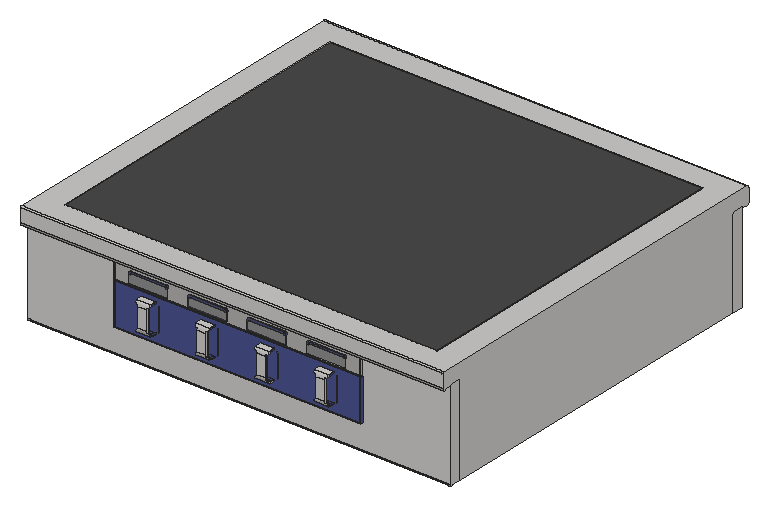
Revit family "QF_ELECTROLUXPROFESSIONAL_589028_MCIDAAJOAO", category Specialty Equipment, Revit 2018
Family settings
  Round Connector Dimension = Use Diameter
  Part Type = Normal
  Work Plane-Based = No
  Always vertical = Yes
  Cut with Voids When Loaded = No
  Shared = No
  Room Calculation Point = No
Parameters
  Weight in Pounds = 207.2
  Watts = 20000 VA  # 20000 W
  Volts = 400 V  # constant formula
  URL Cutsheet = ""
  Type Mark [instance] = ""
  Status [instance] = ""
  Specification by User [instance] = ""
  Specification by Manufacturer = ""
  Serial Number = ""
  Seismic Rating = ""
  SMACNA No = ""
  Revision Code [instance] = ""
  Phase = 3  # constant formula
  Omniclass Number and Title = ""
  Number of Poles [instance] = 1
  NAFEM Spec ID Number = ""
  Model = "589028"
  Min Ckt Ampacity = 0 A
  Max Overcurrent Protection = 0 A
  Masterspec = ""
  Manufacturer = "ELECTROLUX"
  Item Number [instance] = ""
  Installed By [instance] = ""
  Identify Quantity as Lot [instance] = yes
  HP = "26.8 HP"
  Furnished By [instance] = ""
  Foodservice Equipment Identifier [instance] = yes
  FL Amps [instance] = if(Phase = 3, Watts / (Volts * 1.73), Watts / Volts)  # 28.9017 A
  Electrical Remarks = "400 V/3N ph/50/60 Hz"  # constant formula
  Electric Connection Type [instance] = ""
  Elec Conn RI Height [instance] = 0 mm
  Elec Conn Connection Height [instance] = 0 mm
  Direct Waste Size = 0"
  Description = "INDUCTION TOP,4 ZONES,1-S,1000X900X250H"
  Cycle [instance] = if([60 Hertz Option], 60 Hz, 50 Hz)  # 60 Hz
  Conn Plug = ""
  Conn Conduit = yes
  CSI MasterFormat = ""
  CSI Master Format = ""
  Back Panel [instance] = yes
  Apparent Power [instance] = if(Phase = 3, Volts * FL Amps * 1.73, Volts * FL Amps)  # 20000 VA
  60 Hertz Option [instance] = not([50 Hertz Option])  # yes
  50 Hertz Option [instance] = no
Reference planes
  plane 1 "BACK": y = 0
  plane 2: z = 0
  plane 3 "LEFT": x = 0
  plane 4 "RIGHT": x = 1000
  plane 5 "FRONT": y = -900
  plane 6 "TOP": z = 250
  plane 7: x = 500
  plane 8: y = -450
Forms (mm)
  Extrusion 1, solid, material "QF_Finishes_Stainless Steel"
    sketch origin (0, -487.128, 0) x (0, 1, 0) y (0, 0, 1)
      loop
        line (483.128, 250) -> (-408.872, 250)
        arc (-408.872, 250) -> (-411.7, 248.828) -> (-412.872, 246) r 4
        line (-412.872, 246) -> (-412.872, 214)
        arc (-412.872, 214) -> (-411.443, 210.936) -> (-408.177, 210.061) r 4
        line (-408.177, 210.061) -> (-391.509, 213) -> (-366.872, 213) -> (-366.872, 0) -> (441.128, 0) -> (441.128, 213) -> (465.765, 213) -> (482.433, 210.061)
        arc (482.433, 210.061) -> (485.699, 210.936) -> (487.128, 214) r 4
        line (487.128, 214) -> (487.128, 246)
        arc (487.128, 246) -> (485.956, 248.828) -> (483.128, 250) r 4
    from 0 to 1000
  Extrusion 2, solid, material "QF_Finishes_Stainless Steel", visible <- "Back Panel"
    sketch origin (0, 0, 0) x (0, 1, 0) y (0, 0, 1)
      loop
        line (-46, 0) -> (-20, 0) -> (-20, 213) -> (-46, 213) -> (-46, 0)
    from 0 to 1000
  Extrusion 3, void
    sketch origin (653.786, 44.048, 250) x (1, 0, 0) y (0, -1, 0)
      loop
        line (-593.786, 104.048) -> (286.214, 104.048) -> (286.214, 887.779) -> (-593.786, 887.779) -> (-593.786, 104.048)
    from 0 to 37
  Extrusion 4, solid, material "QF_Finishes_Stainless Steel"
    sketch origin (0, -854, 0) x (1, 0, 0) y (0, -1, 0)
      loop
        circle (955, -169) r 6.35
    from 0 to 3.2
  Extrusion 5, solid, material "QF_Finishes_Black"
    sketch origin (653.786, 44.048, 213) x (1, 0, 0) y (0, 1, 0)
      loop
        line (-593.786, -887.779) -> (286.214, -887.779) -> (286.214, -104.048) -> (-593.786, -104.048) -> (-593.786, -887.779)
    from 0 to 37
Cuts and joins
  Extrusion 3 cuts Extrusion 1
Lines and regions (mm)
  symbolic lines
    curve 1: line (0, 0, 0) -> (1000, 0, 0)
    curve 2: line (0, -900, 0) -> (0, 0, 0)
    curve 3: line (1000, -900, 0) -> (0, -900, 0)
    curve 4: line (1000, 0, 0) -> (1000, -900, 0)
    curve 5: line (940, -843.73, 0) -> (940, -60, 0)
    curve 6: line (940, -60, 0) -> (60, -60, 0)
    curve 7: line (60, -60, 0) -> (60, -843.73, 0)
    curve 8: line (60, -843.73, 0) -> (940, -843.73, 0)
    curve 9: line (273.641, -902.406, 0) -> (273.641, -900, 0)
    curve 10: spline (279.31, -903.811, 0) -> (278.831, -903.737, 0) -> (278.353, -903.656, 0) -> (277.876, -903.566, 0) -> (277.4, -903.469, 0) -> (276.925, -903.364, 0) -> (276.452, -903.25, 0) -> (275.98, -903.129, 0) -> (275.509, -903, 0) -> (275.039, -902.863, 0) -> (274.572, -902.719, 0) -> (274.105, -902.566, 0) -> (273.641, -902.406, 0)
    curve 11: line (305.857, -902.406, 0) -> (305.857, -900, 0)
    curve 12: spline (305.857, -902.406, 0) -> (305.392, -902.566, 0) -> (304.926, -902.719, 0) -> (304.458, -902.863, 0) -> (303.989, -903, 0) -> (303.518, -903.129, 0) -> (303.046, -903.25, 0) -> (302.572, -903.364, 0) -> (302.098, -903.469, 0) -> (301.622, -903.566, 0) -> (301.145, -903.656, 0) -> (300.667, -903.737, 0) -> (300.188, -903.811, 0)
    curve 13: line (279.31, -903.811, 0) -> (300.188, -903.811, 0)
    curve 14: line (413.892, -902.406, 0) -> (413.892, -900, 0)
    curve 15: spline (419.561, -903.811, 0) -> (419.082, -903.737, 0) -> (418.604, -903.656, 0) -> (418.127, -903.566, 0) -> (417.651, -903.469, 0) -> (417.177, -903.364, 0) -> (416.703, -903.25, 0) -> (416.231, -903.129, 0) -> (415.76, -903, 0) -> (415.29, -902.863, 0) -> (414.823, -902.719, 0) -> (414.357, -902.566, 0) -> (413.892, -902.406, 0)
    curve 16: line (446.108, -902.406, 0) -> (446.108, -900, 0)
    curve 17: spline (446.108, -902.406, 0) -> (445.643, -902.566, 0) -> (445.177, -902.719, 0) -> (444.71, -902.863, 0) -> (444.24, -903, 0) -> (443.769, -903.129, 0) -> (443.297, -903.25, 0) -> (442.823, -903.364, 0) -> (442.349, -903.469, 0) -> (441.873, -903.566, 0) -> (441.396, -903.656, 0) -> (440.918, -903.737, 0) -> (440.439, -903.811, 0)
    curve 18: line (419.561, -903.811, 0) -> (440.439, -903.811, 0)
    curve 19: line (726.359, -902.406, 0) -> (726.359, -900, 0)
    curve 20: spline (720.69, -903.811, 0) -> (721.169, -903.737, 0) -> (721.647, -903.656, 0) -> (722.124, -903.566, 0) -> (722.6, -903.469, 0) -> (723.075, -903.364, 0) -> (723.548, -903.25, 0) -> (724.02, -903.129, 0) -> (724.491, -903, 0) -> (724.961, -902.863, 0) -> (725.428, -902.719, 0) -> (725.895, -902.566, 0) -> (726.359, -902.406, 0)
    curve 21: line (694.143, -902.406, 0) -> (694.143, -900, 0)
    curve 22: spline (694.143, -902.406, 0) -> (694.608, -902.566, 0) -> (695.074, -902.719, 0) -> (695.542, -902.863, 0) -> (696.011, -903, 0) -> (696.482, -903.129, 0) -> (696.954, -903.25, 0) -> (697.428, -903.364, 0) -> (697.902, -903.469, 0) -> (698.378, -903.566, 0) -> (698.855, -903.656, 0) -> (699.333, -903.737, 0) -> (699.812, -903.811, 0)
    curve 23: line (720.69, -903.811, 0) -> (699.812, -903.811, 0)
    curve 24: line (586.108, -902.406, 0) -> (586.108, -900, 0)
    curve 25: spline (580.439, -903.811, 0) -> (580.918, -903.737, 0) -> (581.396, -903.656, 0) -> (581.873, -903.566, 0) -> (582.349, -903.469, 0) -> (582.823, -903.364, 0) -> (583.297, -903.25, 0) -> (583.769, -903.129, 0) -> (584.24, -903, 0) -> (584.71, -902.863, 0) -> (585.177, -902.719, 0) -> (585.643, -902.566, 0) -> (586.108, -902.406, 0)
    curve 26: line (553.892, -902.406, 0) -> (553.892, -900, 0)
    curve 27: spline (553.892, -902.406, 0) -> (554.357, -902.566, 0) -> (554.823, -902.719, 0) -> (555.29, -902.863, 0) -> (555.76, -903, 0) -> (556.231, -903.129, 0) -> (556.703, -903.25, 0) -> (557.177, -903.364, 0) -> (557.651, -903.469, 0) -> (558.127, -903.566, 0) -> (558.604, -903.656, 0) -> (559.082, -903.737, 0) -> (559.561, -903.811, 0)
    curve 28: line (580.439, -903.811, 0) -> (559.561, -903.811, 0)
Dimensions and locks
  plane 3 "LEFT" to plane 4 "RIGHT" = 1000 mm
  plane 5 "FRONT" to plane 1 "BACK" = 900 mm
  equal spacing: plane 3 "LEFT", plane 7, plane 4 "RIGHT"
  equal spacing: plane 5 "FRONT", plane 8, plane 1 "BACK"
  plane 6 "TOP" to level = 250 mm  (x2)
  plane 1 "BACK" to plane 5 "FRONT" = 900 mm
  Extrusion 4 sketch curve to plane 1 "BACK" = 685 mm
  Extrusion 4 sketch curve to plane 4 "RIGHT" = 45 mm
  aligned and locked: level to plane 2
  aligned and locked: cut or joined group of Extrusion 1, Extrusion 3 to plane 4 "RIGHT"
  aligned and locked: Extrusion 2 to plane 4 "RIGHT"
  aligned and locked: plane 7 to nested 1
Automatic sketch dimensions
  Extrusion 1 sketch curve to plane 5 "FRONT" = 0 mm
  Extrusion 1 sketch curve to plane 6 "TOP" = 0 mm
  Extrusion 1 sketch curve to level = 0 mm
  Extrusion 1 sketch curve to plane 1 "BACK" = 0 mm
  Extrusion 1 sketch curve to plane 6 "TOP" = 37 mm  (x2)
  Extrusion 1 sketch curve to plane 5 "FRONT" = 4 mm
  Extrusion 1 sketch curve to plane 5 "FRONT" = 21.363 mm
  Extrusion 1 sketch curve to Extrusion 1 sketch curve = 24.637 mm
  plane 1 "BACK" to Extrusion 1 sketch curve = 46 mm
  plane 1 "BACK" to Extrusion 1 sketch curve = 21.363 mm
  plane 1 "BACK" to Extrusion 1 sketch curve = 4 mm  (x2)
  Extrusion 1 sketch curve to Extrusion 1 sketch curve = 4 mm
  Extrusion 1 sketch curve to Extrusion 1 sketch curve = 0.695 mm
  Extrusion 1 sketch curve to Extrusion 1 sketch curve = 0 mm  (x4)
  plane 1 "BACK" to Extrusion 1 sketch curve = 4.695 mm
  Extrusion 1 sketch curve to Extrusion 1 sketch curve = 1 mm  (x2)
  Extrusion 2 sketch curve to level = 0 mm
  Extrusion 2 sketch curve to Extrusion 2 sketch curve = 26 mm
  plane 1 "BACK" to curve 1 = 0 mm
  curve 1 to plane 4 "RIGHT" = 0 mm
  curve 2 to plane 3 "LEFT" = 0 mm
  plane 5 "FRONT" to curve 3 = 0 mm
  plane 4 "RIGHT" to curve 8 = 60 mm
  plane 5 "FRONT" to curve 19 = 2.406 mm
  curve 5 to curve 19 = 213.641 mm
  plane 5 "FRONT" to curve 23 = 3.811 mm
  curve 19 to curve 23 = 5.669 mm
  curve 20 to curve 23 = 20.878 mm
  plane 5 "FRONT" to curve 21 = 2.406 mm
  curve 23 to curve 21 = 5.669 mm
  plane 5 "FRONT" to curve 24 = 2.406 mm
  plane 7 to curve 24 = 86.108 mm
  plane 5 "FRONT" to curve 28 = 3.811 mm
  curve 24 to curve 28 = 5.669 mm
  curve 25 to curve 28 = 20.878 mm
  plane 5 "FRONT" to curve 26 = 2.406 mm
  curve 27 to curve 26 = 5.669 mm
  plane 5 "FRONT" to curve 16 = 2.406 mm
  curve 16 to plane 7 = 53.892 mm
  plane 5 "FRONT" to curve 18 = 3.811 mm
  curve 16 to curve 18 = 5.669 mm
  curve 18 to curve 18 = 20.878 mm
  plane 5 "FRONT" to curve 14 = 2.406 mm
  curve 15 to curve 14 = 5.669 mm
  plane 5 "FRONT" to curve 11 = 2.406 mm
  curve 14 to curve 11 = 108.035 mm
  plane 5 "FRONT" to curve 13 = 3.811 mm
  curve 11 to curve 13 = 5.669 mm
  curve 12 to curve 13 = 20.878 mm
  plane 5 "FRONT" to curve 9 = 2.406 mm
  curve 10 to curve 9 = 5.669 mm
  plane 3 "LEFT" to curve 7 = 60 mm
  plane 5 "FRONT" to curve 20 = 4.112 mm
  curve 20 to curve 20 = 4.17 mm
  plane 5 "FRONT" to curve 22 = 4.112 mm
  curve 22 to curve 22 = 4.17 mm
  curve 24 to curve 25 = 9.839 mm
  plane 5 "FRONT" to curve 27 = 4.112 mm
  curve 27 to curve 28 = 4.17 mm
  curve 16 to curve 17 = 9.839 mm
  curve 17 to curve 15 = 12.538 mm
  curve 11 to curve 12 = 9.839 mm
  curve 12 to curve 10 = 12.538 mm
  plane 1 "BACK" to curve 7 = 60 mm
  curve 8 to plane 5 "FRONT" = 56.27 mm
  curve 27 to curve 25 = 0 mm
  curve 12 to plane 5 "FRONT" = 39.02 mm
  curve 17 to plane 5 "FRONT" = 39.02 mm
  curve 15 to curve 17 = 0 mm
  curve 10 to curve 12 = 0 mm
  Extrusion 1 to Extrusion 3 sketch curve = 60 mm  (x2)
  Extrusion 1 to Extrusion 3 sketch curve = 52.27 mm
  Extrusion 1 to Extrusion 3 sketch curve = 56 mm
  Extrusion 5 sketch curve to Extrusion 3 = 0 mm  (x3)
  Extrusion 3 to Extrusion 5 sketch curve = 0 mm
  plane 1 "BACK" to Extrusion 2 sketch curve = 20 mm
  Extrusion 2 sketch curve to plane 6 "TOP" = 37 mm
  radius of Extrusion 4 sketch curve = 6.35 mm
Nested families
  nested 1: "IDT_900_1000 Front Panel fOUR cONTROLS" at (-100, -854, -650), type "IDT_900_1000 Front Panel fOUR cONTROLS"
Connectors
  electrical at (955, -685, -3.2), driven by "Volts", driven by "Watts"
    settings: on Extrusion 4, index 1, voltage 400 V, apparent load 20000 VA, apparent load phase1 0 VA, apparent load phase2 0 VA, apparent load phase3 0 VA, power factor 1, load classification "Other", number of poles 1, system type 30, power factor state 1, is connector primary yes, connector utility no, sub classification motor no, connector description "ELECTRICAL CONNECTION"
Definition of nested family "IDT_900_1000 Front Panel fOUR cONTROLS"
  Parameters
    Keynote = ""
  Reference planes
    plane 1 "Center (Front/Back)": y = 0
    plane 2: z = 0
    plane 3 "Center (Left/Right)": x = 100
    plane 4: x = 600
    plane 5: x = 389.749
    plane 6: x = 530
    plane 7: x = 670.079
    plane 8: x = 809.948
  Forms (mm)
    Extrusion 1, void
      sketch origin (1213.217, 829.203, -1.25) x (1, 0, 0) y (0, 0, 1)
        loop
          line (-321.217, 853.25) -> (-905.217, 853.25) -> (-905.217, 711.25) -> (-321.217, 711.25) -> (-321.217, 853.25)
      from 843.409 to 854.203
    Extrusion 2, solid
      sketch origin (1133.217, 829.203, -1.25) x (0, 1, 0) y (0, 0, 1)
        loop
          arc (-854.203, 654.25) -> (-853.324, 652.129) -> (-851.203, 651.25) r 3
          line (-851.203, 651.25) -> (-829.203, 651.25) -> (-829.203, 864.25) -> (-854.203, 864.25) -> (-854.203, 654.25)
      from -1033.217 to -33.217
  Nested families
    nested 1: "1200 Glass Panel with Four Reads" at (308, -30, 5.811), type "1200 Glass Panel with Four Reads"
    nested 2: "Sml  Range Control Handle" at (389.749, -26.645, -204.867), type "Sml  Range Control Handle"
    nested 3: "Sml  Range Control Handle" at (529.638, -26.645, -204.867), type "Sml  Range Control Handle"
    nested 4: "Sml  Range Control Handle" at (670.079, -26.645, -204.867), type "Sml  Range Control Handle"
    nested 5: "Sml  Range Control Handle" at (810.079, -26.645, -204.867), type "Sml  Range Control Handle"
  Definition of nested family "1200 Glass Panel with Four Reads"
    Reference planes
      plane 1 "Center (Front/Back)": y = 0
      plane 2: z = 0
      plane 3 "Center (Left/Right)": x = 0
      plane 4: x = 584
      plane 5: x = 581.091
      plane 6 "Top": z = 846.189
      plane 7 "Center": x = 292
    Forms (mm)
      Extrusion 1, solid
        sketch origin (550.286, 304.8, -4.308) x (1, 0, 0) y (0, 0, 1)
          loop
            line (-550.286, 806.791) -> (-550.286, 708.497) -> (33.714, 708.497) -> (33.714, 806.791) -> (-550.286, 806.791)
        from 300.031 to 304.8
      Extrusion 2, solid
        sketch origin (550.286, 304.8, -4.308) x (1, 0, 0) y (0, 0, 1)
          loop
            line (-550.286, 850.497) -> (-550.286, 806.791) -> (33.714, 806.791) -> (33.714, 850.497) -> (-550.286, 850.497)
        from 300.031 to 304.8
      Extrusion 3, void
        sketch origin (550.286, 304.8, -4.308) x (1, 0, 0) y (0, 0, 1)
          loop
            line (-547.628, 847.565) -> (-547.628, 710.699) -> (30.804, 710.699) -> (30.804, 847.565) -> (-547.628, 847.565)
        from 303.697 to 304.8
      Extrusion 4, solid, not visible
        sketch origin (550.286, 305.901, -4.308) x (1, 0, 0) y (0, 0, 1)
          loop
            line (-153.041, 812.62) -> (-153.041, 834.177) -> (-157.775, 834.177) -> (-159.574, 835.977) -> (-238.324, 835.977) -> (-240.124, 834.177) -> (-245.041, 834.177) -> (-245.041, 812.62) -> (-153.041, 812.62)
        from 304.798 to 306.745
      Extrusion 5, solid, not visible
        sketch origin (550.286, 305.901, -4.308) x (1, 0, 0) y (0, 0, 1)
          loop
            line (-240.027, 834.177) -> (-238.227, 835.977) -> (-159.594, 835.977) -> (-157.794, 834.177) -> (-153.083, 834.177)
            arc (-153.083, 834.177) -> (-154.26, 838.752) -> (-158.535, 840.763) r 5.549
            line (-158.535, 840.763) -> (-239.444, 840.763)
            arc (-239.444, 840.763) -> (-243.699, 838.747) -> (-244.835, 834.177) r 5.5
            line (-244.835, 834.177) -> (-240.027, 834.177)
        from 304.798 to 306.745
      Extrusion 6, solid
        sketch origin (700.989, 305.901, -4.308) x (1, 0, 0) y (0, 0, 1)
          loop
            line (-153.041, 812.62) -> (-153.041, 834.177) -> (-157.775, 834.177) -> (-159.574, 835.977) -> (-238.324, 835.977) -> (-240.124, 834.177) -> (-245.041, 834.177) -> (-245.041, 812.62) -> (-153.041, 812.62)
        from 304.798 to 306.745
      Extrusion 7, solid
        sketch origin (700.989, 305.901, -4.308) x (1, 0, 0) y (0, 0, 1)
          loop
            line (-240.027, 834.177) -> (-238.227, 835.977) -> (-159.594, 835.977) -> (-157.794, 834.177) -> (-153.083, 834.177)
            arc (-153.083, 834.177) -> (-154.26, 838.752) -> (-158.535, 840.763) r 5.549
            line (-158.535, 840.763) -> (-239.444, 840.763)
            arc (-239.444, 840.763) -> (-243.699, 838.747) -> (-244.835, 834.177) r 5.5
            line (-244.835, 834.177) -> (-240.027, 834.177)
        from 304.798 to 306.745
      Extrusion 8, solid
        sketch origin (560.989, 305.901, -4.308) x (1, 0, 0) y (0, 0, 1)
          loop
            line (-153.041, 812.62) -> (-153.041, 834.177) -> (-157.775, 834.177) -> (-159.574, 835.977) -> (-238.324, 835.977) -> (-240.124, 834.177) -> (-245.041, 834.177) -> (-245.041, 812.62) -> (-153.041, 812.62)
        from 304.798 to 306.745
      Extrusion 9, solid
        sketch origin (560.989, 305.901, -4.308) x (1, 0, 0) y (0, 0, 1)
          loop
            line (-240.027, 834.177) -> (-238.227, 835.977) -> (-159.594, 835.977) -> (-157.794, 834.177) -> (-153.083, 834.177)
            arc (-153.083, 834.177) -> (-154.26, 838.752) -> (-158.535, 840.763) r 5.549
            line (-158.535, 840.763) -> (-239.444, 840.763)
            arc (-239.444, 840.763) -> (-243.699, 838.747) -> (-244.835, 834.177) r 5.5
            line (-244.835, 834.177) -> (-240.027, 834.177)
        from 304.798 to 306.745
      Extrusion 10, solid
        sketch origin (700.989, 305.901, -4.308) x (1, 0, 0) y (0, 0, 1)
          loop
            line (-665.188, 812.62) -> (-573.188, 812.62) -> (-573.188, 834.177) -> (-578.105, 834.177) -> (-579.905, 835.977) -> (-658.655, 835.977) -> (-660.455, 834.177) -> (-665.188, 834.177) -> (-665.188, 812.62)
        from 304.798 to 306.745
      Extrusion 11, solid
        sketch origin (700.989, 305.901, -4.308) x (1, 0, 0) y (0, 0, 1)
          loop
            line (-578.203, 834.177) -> (-573.394, 834.177)
            arc (-573.394, 834.177) -> (-574.53, 838.747) -> (-578.786, 840.763) r 5.5
            line (-578.786, 840.763) -> (-659.695, 840.763)
            arc (-659.695, 840.763) -> (-663.97, 838.752) -> (-665.146, 834.177) r 5.549
            line (-665.146, 834.177) -> (-660.435, 834.177) -> (-658.636, 835.977) -> (-580.003, 835.977) -> (-578.203, 834.177)
        from 304.798 to 306.745
      Extrusion 12, solid
        sketch origin (560.989, 305.901, -4.308) x (1, 0, 0) y (0, 0, 1)
          loop
            line (-385.188, 812.62) -> (-293.188, 812.62) -> (-293.188, 834.177) -> (-298.105, 834.177) -> (-299.905, 835.977) -> (-378.655, 835.977) -> (-380.455, 834.177) -> (-385.188, 834.177) -> (-385.188, 812.62)
        from 304.798 to 306.745
      Extrusion 13, solid
        sketch origin (560.989, 305.901, -4.308) x (1, 0, 0) y (0, 0, 1)
          loop
            line (-298.203, 834.177) -> (-293.394, 834.177)
            arc (-293.394, 834.177) -> (-294.53, 838.747) -> (-298.786, 840.763) r 5.5
            line (-298.786, 840.763) -> (-379.695, 840.763)
            arc (-379.695, 840.763) -> (-383.97, 838.752) -> (-385.146, 834.177) r 5.549
            line (-385.146, 834.177) -> (-380.435, 834.177) -> (-378.636, 835.977) -> (-300.003, 835.977) -> (-298.203, 834.177)
        from 304.798 to 306.745
    Cuts and joins
      Extrusion 3 cuts Extrusion 1
      Extrusion 3 cuts Extrusion 2
    Lines and regions (mm)
      symbolic lines
        curve 1: line (0, 4.769, 0) -> (584, 4.769, 0)
    Dimensions and locks
      aligned and locked: Extrusion 1 to Extrusion 2
      aligned and locked: Extrusion 6 to Extrusion 7
      aligned and locked: Extrusion 8 to Extrusion 9
      aligned and locked: Extrusion 10 to Extrusion 11
      aligned and locked: Extrusion 12 to Extrusion 13
  Definition of nested family "Sml  Range Control Handle"
    Reference planes
      plane 1 "Center (Front/Back)": y = 0
      plane 2: z = 0
      plane 3 "Center (Left/Right)": x = 0
      plane 4: z = 971.092
    Forms (mm)
      Extrusion 1, solid
        sketch origin (-746.28, 380.497, 208.931) x (-1, 0, 0) y (0, 0, 1)
          loop
            line (-770.101, 786.798) -> (-770.101, 731.649)
            arc (-770.101, 731.649) -> (-769.759, 730.563) -> (-768.855, 729.87) r 1.893
            line (-768.855, 729.87) -> (-763.474, 727.911) -> (-729.81, 727.911) -> (-724.428, 729.87)
            arc (-724.428, 729.87) -> (-723.525, 730.563) -> (-723.183, 731.649) r 1.893
            line (-723.183, 731.649) -> (-723.183, 786.798)
            arc (-723.183, 786.798) -> (-723.529, 787.894) -> (-724.44, 788.593) r 1.91
            line (-724.44, 788.593) -> (-729.683, 790.819) -> (-763.601, 790.819) -> (-768.844, 788.593)
            arc (-768.844, 788.593) -> (-769.755, 787.894) -> (-770.101, 786.798) r 1.91
        from -382.35 to -378.852
      Sweep 2, solid
        path origin (-746.788, 380.496, 208.091) x (0, -1, 0) y (0, 0, 1)
          loop
            line (379.775, 793.281) -> (395.661, 791.048)
            arc (395.661, 791.048) -> (397.781, 787.377) -> (398.517, 783.202) r 12.207
            line (398.517, 783.202) -> (398.517, 737.368)
            arc (398.517, 737.368) -> (397.781, 733.193) -> (395.661, 729.522) r 12.207
            line (395.661, 729.522) -> (379.775, 727.289)
        profile origin (-746.788, -7.222, 1000.256) x (0, -0.139173, 0.990268) y (-1, 0, 0)
          loop
            line (0.782, -763.123) -> (0.782, -730.907) -> (-1.322, -730.907) -> (-1.322, -763.123) -> (0.782, -763.123)
      Sweep 3, solid
        path origin (-746.788, 380.715, 207.832) x (0, -1, 0) y (0, 0, 1)
          loop
            line (380.478, 795.442) -> (397.218, 793.09)
            arc (397.218, 793.09) -> (399.929, 788.473) -> (400.871, 783.202) r 15.207
            line (400.871, 783.202) -> (400.871, 737.584)
            arc (400.871, 737.584) -> (399.914, 732.274) -> (397.164, 727.633) r 15.207
            line (397.164, 727.633) -> (380.601, 725.305)
        profile origin (-746.788, -8.132, 1002.099) x (0, -0.139173, 0.990268) y (-1, 0, 0)
          loop
            line (0.782, -763.123) -> (0.782, -730.907) -> (-1.322, -730.907) -> (-1.322, -763.123) -> (0.782, -763.123)
      Extrusion 4, void
        sketch origin (889.253, 220.666, 207.993) x (1, 0, 0) y (0, 0, 1)
          loop
            line (-943.038, 816.854) -> (-943.038, 703.686) -> (-899.466, 734.196) -> (-899.466, 786.344) -> (-943.038, 816.854)
        from 230.636 to 242.25
      Extrusion 5, void
        sketch origin (-888.8, 220.666, 207.993) x (-1, 0, 0) y (0, 0, -1)
          loop
            line (-943.038, -816.854) -> (-899.466, -786.344) -> (-899.466, -734.196) -> (-943.038, -703.686) -> (-943.038, -816.854)
        from 230.636 to 242.25
      Extrusion 6, solid
        sketch origin (0, 0, 0) x (1, 0, 0) y (0, 0, 1)
          loop
            circle (0, 971.092) r 7.736
        from -3.137 to -1.645
    Cuts and joins
      Extrusion 4, Extrusion 5 cuts Sweep 3
      Extrusion 4, Extrusion 5 cuts Sweep 2
      joined: Extrusion 1, Extrusion 6
    Lines and regions (mm)
      symbolic lines
        curve 1: line (23.821, 1.645, 0) -> (-23.097, 1.645, 0)
        curve 2: line (16.334, -1.853, 0) -> (23.821, -1.853, 0)
        curve 3: line (-15.881, -19.189, 0) -> (-15.881, -1.853, 0)
        curve 4: line (-23.097, -1.853, 0) -> (-15.881, -1.853, 0)
        curve 5: line (16.334, -19.189, 0) -> (16.334, -1.853, 0)
        curve 6: spline (-15.881, -19.189, 0) -> (-15.417, -19.349, 0) -> (-14.951, -19.501, 0) -> (-14.483, -19.646, 0) -> (-14.014, -19.783, 0) -> (-13.543, -19.912, 0) -> (-13.071, -20.033, 0) -> (-12.597, -20.146, 0) -> (-12.122, -20.251, 0) -> (-11.646, -20.349, 0) -> (-11.169, -20.438, 0) -> (-10.691, -20.52, 0) -> (-10.213, -20.593, 0)
        curve 7: spline (10.666, -20.593, 0) -> (11.144, -20.52, 0) -> (11.622, -20.438, 0) -> (12.099, -20.349, 0) -> (12.575, -20.251, 0) -> (13.05, -20.146, 0) -> (13.524, -20.033, 0) -> (13.996, -19.912, 0) -> (14.467, -19.783, 0) -> (14.936, -19.646, 0) -> (15.404, -19.501, 0) -> (15.87, -19.349, 0) -> (16.334, -19.189, 0)
        curve 8: line (-10.213, -20.938, 0) -> (10.716, -20.938, 0)
        curve 9: line (-23.097, 1.645, 0) -> (-23.097, -1.853, 0)
        curve 10: line (23.821, 1.645, 0) -> (23.821, -1.853, 0)
    Dimensions and locks
      cut or joined group of Sweep 3, Extrusion 4, Extrusion 5 to cut or joined group of Sweep 3, Extrusion 4, Extrusion 5 = 71.686 mm
